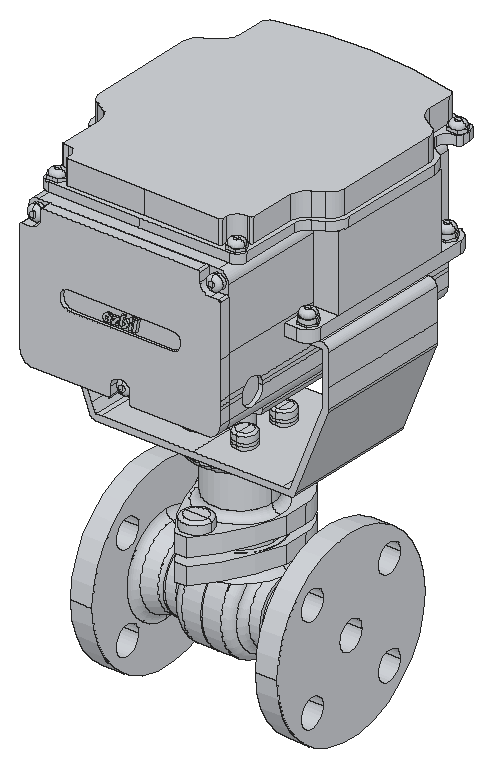
Revit family "電動二方弁(ロゴあり)", category Electrical Equipment, Revit 2022 (continued)
Automatic sketch dimensions
  Revolve 33 sketch curve to Revolve 33 sketch curve = 0 mm  (x3)
  Revolve 34 sketch curve to plane 1 "中心(正面/背面)" = 6.975 mm
  Revolve 34 sketch curve to Revolve 34 sketch curve = 5.525 mm
  level to Revolve 34 sketch curve = 125.7 mm
  Revolve 34 sketch curve to Revolve 34 sketch curve = 1.6 mm
  Revolve 34 sketch curve to Revolve 34 sketch curve = 3.2 mm
  Revolve 34 sketch curve to Revolve 34 sketch curve = 0 mm  (x3)
  Revolve 35 sketch curve to plane 3 "中心(左/右)" = 0 mm  (x2)
  Revolve 35 sketch curve to plane 3 "中心(左/右)" = 4.75 mm
  level to Revolve 35 sketch curve = 137.956 mm
  Revolve 35 sketch curve to Revolve 35 sketch curve = 1.544 mm
  Revolve 35 sketch curve to Revolve 35 sketch curve = 0 mm  (x2)
  Revolve 36 sketch curve to plane 3 "中心(左/右)" = 0 mm  (x2)
  Revolve 36 sketch curve to Revolve 36 sketch curve = 10.268 mm
  Revolve 36 sketch curve to Revolve 36 sketch curve = 8.578 mm
  Revolve 36 sketch curve to Revolve 36 sketch curve = 1.153 mm
  Revolve 36 sketch curve to Revolve 36 sketch curve = 6.678 mm
  Revolve 36 sketch curve to Revolve 36 sketch curve = 2.476 mm
  level to Revolve 36 sketch curve = 65.495 mm
  Revolve 36 sketch curve to Revolve 36 sketch curve = 2.236 mm
  Revolve 36 sketch curve to Revolve 36 sketch curve = 3.62 mm
  Revolve 36 sketch curve to Revolve 36 sketch curve = 4.769 mm
  Revolve 36 sketch curve to Revolve 36 sketch curve = 3.897 mm
  Revolve 36 sketch curve to Revolve 36 sketch curve = 0 mm  (x2)
  Extrusion 37 sketch curve to plane 3 "中心(左/右)" = 47 mm
  Extrusion 37 sketch curve to Extrusion 37 sketch curve = 2.5 mm
  Extrusion 37 sketch curve to Extrusion 37 sketch curve = 3 mm
  Extrusion 37 sketch curve to Extrusion 37 sketch curve = 1.558 mm
  plane 3 "中心(左/右)" to Extrusion 37 sketch curve = 44 mm
  Extrusion 37 sketch curve to Extrusion 37 sketch curve = 0.5 mm
  Extrusion 37 sketch curve to Extrusion 37 sketch curve = 0.525 mm
  Extrusion 37 sketch curve to Extrusion 37 sketch curve = 2.475 mm
  level to Extrusion 37 sketch curve = 164.5 mm
  Extrusion 37 sketch curve to Extrusion 37 sketch curve = 1.5 mm
  Extrusion 37 sketch curve to Extrusion 37 sketch curve = 1.652 mm
  Extrusion 37 sketch curve to Extrusion 37 sketch curve = 1.962 mm
  Revolve 38 sketch curve to plane 3 "中心(左/右)" = 0 mm  (x2)
  Revolve 38 sketch curve to plane 3 "中心(左/右)" = 5.688 mm
  Revolve 38 sketch curve to Revolve 38 sketch curve = 1.896 mm
  level to Revolve 38 sketch curve = 90.3 mm
  Revolve 38 sketch curve to Revolve 38 sketch curve = 3.216 mm
  Revolve 38 sketch curve to Revolve 38 sketch curve = 1.117 mm
  Revolve 38 sketch curve to Revolve 38 sketch curve = 0 mm  (x2)
  Revolve 39 sketch curve to plane 3 "中心(左/右)" = 0 mm  (x2)
  Revolve 39 sketch curve to plane 3 "中心(左/右)" = 16.5 mm
  Revolve 39 sketch curve to Revolve 39 sketch curve = 2 mm  (x2)
  Revolve 39 sketch curve to Revolve 39 sketch curve = 4 mm  (x2)
  level to Revolve 39 sketch curve = 90.3 mm
  Revolve 39 sketch curve to Revolve 39 sketch curve = 19 mm
  Revolve 39 sketch curve to Revolve 39 sketch curve = 0 mm  (x4)
  Revolve 40 sketch curve to plane 3 "中心(左/右)" = 0 mm  (x2)
  Revolve 40 sketch curve to plane 3 "中心(左/右)" = 4 mm
  level to Revolve 40 sketch curve = 77 mm
  Revolve 40 sketch curve to Revolve 40 sketch curve = 4.3 mm
  Revolve 40 sketch curve to Revolve 40 sketch curve = 1.5 mm
  Revolve 40 sketch curve to Revolve 40 sketch curve = 0 mm
  plane 3 "中心(左/右)" to Extrusion 41 sketch curve = 51.5 mm
  Extrusion 41 sketch curve to Extrusion 41 sketch curve = 5.8 mm
  Extrusion 41 sketch curve to Extrusion 41 sketch curve = 6 mm
  Extrusion 41 sketch curve to Extrusion 41 sketch curve = 6.5 mm
  Extrusion 41 sketch curve to Extrusion 41 sketch curve = 0.5 mm
  Extrusion 41 sketch curve to Extrusion 41 sketch curve = 3.7 mm
  Extrusion 41 sketch curve to Extrusion 41 sketch curve = 7 mm
  plane 1 "中心(正面/背面)" to Extrusion 41 sketch curve = 36.395 mm
  Extrusion 41 sketch curve to plane 1 "中心(正面/背面)" = 60.605 mm
  Extrusion 41 sketch curve to Extrusion 41 sketch curve = 0.7 mm
  Extrusion 41 sketch curve to Extrusion 41 sketch curve = 7.785 mm
  Extrusion 41 sketch curve to Extrusion 41 sketch curve = 2.098 mm
  Extrusion 41 sketch curve to Extrusion 41 sketch curve = 0 mm
  Extrusion 41 sketch curve to Extrusion 41 sketch curve = 1.226 mm
  Extrusion 42 sketch curve to plane 3 "中心(左/右)" = 51.5 mm
  Extrusion 42 sketch curve to Extrusion 42 sketch curve = 5.8 mm
  Extrusion 42 sketch curve to Extrusion 42 sketch curve = 6 mm
  Extrusion 42 sketch curve to Extrusion 42 sketch curve = 6.5 mm
  Extrusion 42 sketch curve to Extrusion 42 sketch curve = 0.5 mm
  Extrusion 42 sketch curve to Extrusion 42 sketch curve = 3.7 mm
  Extrusion 42 sketch curve to Extrusion 42 sketch curve = 7 mm
  Extrusion 42 sketch curve to plane 1 "中心(正面/背面)" = 69.302 mm
  Extrusion 42 sketch curve to Extrusion 42 sketch curve = 0.212 mm
  Extrusion 42 sketch curve to Extrusion 42 sketch curve = 7.997 mm
  Extrusion 42 sketch curve to Extrusion 42 sketch curve = 0.7 mm
  plane 1 "中心(正面/背面)" to Extrusion 42 sketch curve = 29.395 mm
  Extrusion 42 sketch curve to Extrusion 42 sketch curve = 0 mm
  Extrusion 42 sketch curve to Extrusion 42 sketch curve = 1.226 mm
  Extrusion 43 sketch curve to plane 3 "中心(左/右)" = 64.592 mm
  Extrusion 43 sketch curve to Extrusion 43 sketch curve = 3.729 mm
  Extrusion 43 sketch curve to Extrusion 43 sketch curve = 1.085 mm  (x2)
  Extrusion 43 sketch curve to Extrusion 43 sketch curve = 2.797 mm  (x4)
  Extrusion 43 sketch curve to Extrusion 43 sketch curve = 7.85 mm
  Extrusion 43 sketch curve to Extrusion 43 sketch curve = 2.643 mm
  Extrusion 43 sketch curve to level = 130.361 mm
  Extrusion 43 sketch curve to Extrusion 43 sketch curve = 1.447 mm
  Extrusion 44 sketch curve to plane 3 "中心(左/右)" = 28.5 mm
  plane 3 "中心(左/右)" to Extrusion 44 sketch curve = 28.5 mm
  level to Extrusion 44 sketch curve = 161 mm
  Extrusion 44 sketch curve to Extrusion 44 sketch curve = 0.788 mm
  Revolve 45 sketch curve to plane 3 "中心(左/右)" = 60.5 mm
  Revolve 45 sketch curve to Revolve 45 sketch curve = 2.25 mm
  level to Revolve 45 sketch curve = 197.236 mm
  Revolve 45 sketch curve to Revolve 45 sketch curve = 2.264 mm
  Revolve 45 sketch curve to Revolve 45 sketch curve = 0 mm
  Revolve 45 sketch curve to Revolve 45 sketch curve = 0.936 mm
  Revolve 45 sketch curve to Revolve 45 sketch curve = 1.8 mm
  Revolve 46 sketch curve to plane 3 "中心(左/右)" = 60.5 mm
  Revolve 46 sketch curve to Revolve 46 sketch curve = 2.25 mm
  level to Revolve 46 sketch curve = 197.236 mm
  Revolve 46 sketch curve to Revolve 46 sketch curve = 2.264 mm
  Revolve 46 sketch curve to Revolve 46 sketch curve = 0 mm
  Revolve 46 sketch curve to Revolve 46 sketch curve = 0.936 mm
  Revolve 46 sketch curve to Revolve 46 sketch curve = 1.8 mm
  plane 3 "中心(左/右)" to Revolve 47 sketch curve = 56.375 mm
  Revolve 47 sketch curve to Revolve 47 sketch curve = 2.25 mm
  level to Revolve 47 sketch curve = 197.236 mm
  Revolve 47 sketch curve to Revolve 47 sketch curve = 2.264 mm
  Revolve 47 sketch curve to Revolve 47 sketch curve = 0 mm
  Revolve 47 sketch curve to Revolve 47 sketch curve = 0.936 mm
  Revolve 47 sketch curve to Revolve 47 sketch curve = 1.8 mm
  plane 3 "中心(左/右)" to Revolve 48 sketch curve = 56.375 mm
  Revolve 48 sketch curve to Revolve 48 sketch curve = 2.25 mm
  level to Revolve 48 sketch curve = 197.236 mm
  Revolve 48 sketch curve to Revolve 48 sketch curve = 2.264 mm
  Revolve 48 sketch curve to Revolve 48 sketch curve = 0 mm
  Revolve 48 sketch curve to Revolve 48 sketch curve = 0.936 mm
  Revolve 48 sketch curve to Revolve 48 sketch curve = 1.8 mm
  Extrusion 49 sketch curve to plane 1 "中心(正面/背面)" = 25.952 mm
  Extrusion 49 sketch curve to plane 3 "中心(左/右)" = 74.125 mm
  Extrusion 49 sketch curve to plane 1 "中心(正面/背面)" = 13.532 mm  (x2)
  Extrusion 49 sketch curve to plane 3 "中心(左/右)" = 23 mm
  Extrusion 49 sketch curve to plane 3 "中心(左/右)" = 6.954 mm
  Extrusion 49 sketch curve to plane 3 "中心(左/右)" = 3.046 mm
  Extrusion 49 sketch curve to plane 3 "中心(左/右)" = 1.923 mm
  plane 3 "中心(左/右)" to Extrusion 49 sketch curve = 1.923 mm
  plane 3 "中心(左/右)" to Extrusion 49 sketch curve = 3.046 mm
  plane 3 "中心(左/右)" to Extrusion 49 sketch curve = 6.954 mm
  Extrusion 49 sketch curve to Extrusion 49 sketch curve = 51.125 mm
  Extrusion 49 sketch curve to plane 1 "中心(正面/背面)" = 1.214 mm  (x2)
  Revolve 50 sketch curve to plane 3 "中心(左/右)" = 0 mm  (x2)
  Revolve 50 sketch curve to plane 3 "中心(左/右)" = 23 mm
  Revolve 50 sketch curve to Revolve 50 sketch curve = 2 mm  (x2)
  level to Revolve 50 sketch curve = 115.3 mm
  Revolve 50 sketch curve to Revolve 50 sketch curve = 5.2 mm
  Revolve 50 sketch curve to Revolve 50 sketch curve = 0.2 mm
  Extrusion 51 sketch curve to plane 1 "中心(正面/背面)" = 25.952 mm
  Extrusion 51 sketch curve to plane 3 "中心(左/右)" = 74.125 mm
  Extrusion 51 sketch curve to plane 1 "中心(正面/背面)" = 13.532 mm  (x2)
  Extrusion 51 sketch curve to plane 3 "中心(左/右)" = 23 mm
  Extrusion 51 sketch curve to plane 3 "中心(左/右)" = 6.954 mm
  Extrusion 51 sketch curve to plane 3 "中心(左/右)" = 3.046 mm
  Extrusion 51 sketch curve to plane 3 "中心(左/右)" = 1.923 mm
  plane 3 "中心(左/右)" to Extrusion 51 sketch curve = 1.923 mm
  plane 3 "中心(左/右)" to Extrusion 51 sketch curve = 3.046 mm
  plane 3 "中心(左/右)" to Extrusion 51 sketch curve = 6.954 mm
  Extrusion 51 sketch curve to Extrusion 51 sketch curve = 51.125 mm
  Extrusion 51 sketch curve to plane 1 "中心(正面/背面)" = 1.214 mm  (x2)
  Revolve 52 sketch curve to plane 3 "中心(左/右)" = 0 mm  (x2)
  Revolve 52 sketch curve to plane 3 "中心(左/右)" = 17.5 mm
  level to Revolve 52 sketch curve = 77 mm
  Revolve 52 sketch curve to Revolve 52 sketch curve = 4.3 mm
  Revolve 52 sketch curve to Revolve 52 sketch curve = 0 mm  (x2)
  Extrusion 53 sketch curve to plane 1 "中心(正面/背面)" = 24.749 mm
  level to Extrusion 53 sketch curve = 72.249 mm
  Extrusion 54 sketch curve to plane 1 "中心(正面/背面)" = 24.749 mm
  level to Extrusion 54 sketch curve = 22.751 mm
  plane 1 "中心(正面/背面)" to Extrusion 55 sketch curve = 24.749 mm
  level to Extrusion 55 sketch curve = 22.751 mm
  plane 1 "中心(正面/背面)" to Extrusion 56 sketch curve = 24.749 mm
  level to Extrusion 56 sketch curve = 22.751 mm
  Extrusion 57 sketch curve to plane 1 "中心(正面/背面)" = 0 mm
  level to Extrusion 57 sketch curve = 47.5 mm
  plane 1 "中心(正面/背面)" to Revolve 58 sketch curve = 75.7 mm
  Revolve 58 sketch curve to Revolve 58 sketch curve = 2 mm
  Revolve 58 sketch curve to Revolve 58 sketch curve = 0.6 mm
  level to Revolve 58 sketch curve = 238.5 mm
  Revolve 58 sketch curve to Revolve 58 sketch curve = 1.75 mm
  Revolve 58 sketch curve to Revolve 58 sketch curve = 0 mm  (x3)
  plane 1 "中心(正面/背面)" to Revolve 59 sketch curve = 73.1 mm
  Revolve 59 sketch curve to Revolve 59 sketch curve = 1.6 mm
  level to Revolve 59 sketch curve = 238.5 mm
  Revolve 59 sketch curve to Revolve 59 sketch curve = 3.75 mm
  Revolve 59 sketch curve to Revolve 59 sketch curve = 0 mm  (x3)
  plane 1 "中心(正面/背面)" to Revolve 60 sketch curve = 75.7 mm
  Revolve 60 sketch curve to Revolve 60 sketch curve = 2 mm
  Revolve 60 sketch curve to Revolve 60 sketch curve = 0.6 mm
  level to Revolve 60 sketch curve = 238.5 mm
  Revolve 60 sketch curve to Revolve 60 sketch curve = 1.75 mm
  Revolve 60 sketch curve to Revolve 60 sketch curve = 0 mm  (x3)
  plane 1 "中心(正面/背面)" to Revolve 61 sketch curve = 73.1 mm
  Revolve 61 sketch curve to Revolve 61 sketch curve = 1.6 mm
  level to Revolve 61 sketch curve = 238.5 mm
  Revolve 61 sketch curve to Revolve 61 sketch curve = 3.75 mm
  Revolve 61 sketch curve to Revolve 61 sketch curve = 0 mm  (x3)
  plane 1 "中心(正面/背面)" to Revolve 62 sketch curve = 75.7 mm
  Revolve 62 sketch curve to Revolve 62 sketch curve = 2 mm
  Revolve 62 sketch curve to Revolve 62 sketch curve = 0.6 mm
  level to Revolve 62 sketch curve = 174.5 mm
  Revolve 62 sketch curve to Revolve 62 sketch curve = 1.75 mm
  Revolve 62 sketch curve to Revolve 62 sketch curve = 0 mm  (x3)
  plane 1 "中心(正面/背面)" to Revolve 63 sketch curve = 73.1 mm
  Revolve 63 sketch curve to Revolve 63 sketch curve = 1.6 mm
  level to Revolve 63 sketch curve = 174.5 mm
  Revolve 63 sketch curve to Revolve 63 sketch curve = 3.75 mm
  Revolve 63 sketch curve to Revolve 63 sketch curve = 0 mm  (x3)
  Extrusion 64 sketch curve to plane 3 "中心(左/右)" = 65 mm
  Extrusion 64 sketch curve to Extrusion 64 sketch curve = 13.382 mm
  Extrusion 64 sketch curve to Extrusion 64 sketch curve = 5.3 mm  (x2)
  level to Extrusion 64 sketch curve = 205.5 mm
  Extrusion 64 sketch curve to Extrusion 64 sketch curve = 33.2 mm
  Extrusion 64 sketch curve to Extrusion 64 sketch curve = 0 mm
  Extrusion 65 sketch curve to plane 3 "中心(左/右)" = 65 mm
  Extrusion 65 sketch curve to Extrusion 65 sketch curve = 13.382 mm
  Extrusion 65 sketch curve to Extrusion 65 sketch curve = 5.3 mm  (x2)
  Extrusion 65 sketch curve to level = 205.5 mm
  Extrusion 65 sketch curve to Extrusion 65 sketch curve = 33.2 mm
  Extrusion 65 sketch curve to Extrusion 65 sketch curve = 0 mm
  Extrusion 66 sketch curve to plane 3 "中心(左/右)" = 7.352 mm
  Extrusion 66 sketch curve to Extrusion 66 sketch curve = 0.489 mm
  Extrusion 66 sketch curve to Extrusion 66 sketch curve = 0.491 mm
  Extrusion 66 sketch curve to Extrusion 66 sketch curve = 0.142 mm
  Extrusion 66 sketch curve to Extrusion 66 sketch curve = 0.117 mm
  Extrusion 66 sketch curve to Extrusion 66 sketch curve = 0.229 mm
  Extrusion 66 sketch curve to Extrusion 66 sketch curve = 1.394 mm
  Extrusion 66 sketch curve to Extrusion 66 sketch curve = 0.569 mm
  Extrusion 66 sketch curve to Extrusion 66 sketch curve = 0.155 mm
  Extrusion 66 sketch curve to Extrusion 66 sketch curve = 0.378 mm
  Extrusion 66 sketch curve to Extrusion 66 sketch curve = 0.2 mm
  Extrusion 66 sketch curve to Extrusion 66 sketch curve = 1.855 mm
  Extrusion 66 sketch curve to Extrusion 66 sketch curve = 1.579 mm
  Extrusion 66 sketch curve to plane 3 "中心(左/右)" = 0.981 mm
  Extrusion 66 sketch curve to plane 3 "中心(左/右)" = 0.781 mm
  Extrusion 66 sketch curve to plane 3 "中心(左/右)" = 0.508 mm
  Extrusion 66 sketch curve to plane 3 "中心(左/右)" = 0.342 mm
  Extrusion 66 sketch curve to plane 3 "中心(左/右)" = 0.164 mm
  plane 3 "中心(左/右)" to Extrusion 66 sketch curve = 0.657 mm
  plane 3 "中心(左/右)" to Extrusion 66 sketch curve = 1.092 mm
  Extrusion 66 sketch curve to Extrusion 66 sketch curve = 0.289 mm
  Extrusion 66 sketch curve to Extrusion 66 sketch curve = 0.328 mm
  Extrusion 66 sketch curve to Extrusion 66 sketch curve = 0.178 mm
  Extrusion 66 sketch curve to Extrusion 66 sketch curve = 1.372 mm  (x3)
  Extrusion 66 sketch curve to Extrusion 66 sketch curve = 0.631 mm
  Extrusion 66 sketch curve to Extrusion 66 sketch curve = 1.319 mm
  Extrusion 66 sketch curve to Extrusion 66 sketch curve = 1.671 mm
  Extrusion 66 sketch curve to Extrusion 66 sketch curve = 2.215 mm
  Extrusion 66 sketch curve to Extrusion 66 sketch curve = 0.082 mm
  Extrusion 66 sketch curve to Extrusion 66 sketch curve = 1.435 mm
  Extrusion 66 sketch curve to Extrusion 66 sketch curve = 0.804 mm
  Extrusion 66 sketch curve to Extrusion 66 sketch curve = 2.601 mm
  Extrusion 66 sketch curve to Extrusion 66 sketch curve = 1.371 mm
  Extrusion 66 sketch curve to Extrusion 66 sketch curve = 1.566 mm
  level to Extrusion 66 sketch curve = 202.767 mm
  Extrusion 66 sketch curve to Extrusion 66 sketch curve = 0.735 mm
  Extrusion 66 sketch curve to Extrusion 66 sketch curve = 0.019 mm
  Extrusion 66 sketch curve to Extrusion 66 sketch curve = 0.754 mm  (x2)
  Extrusion 66 sketch curve to Extrusion 66 sketch curve = 0 mm  (x2)
  Extrusion 66 sketch curve to Extrusion 66 sketch curve = 0.88 mm
  Extrusion 66 sketch curve to Extrusion 66 sketch curve = 1.02 mm
  Extrusion 66 sketch curve to Extrusion 66 sketch curve = 1.135 mm
  Extrusion 66 sketch curve to Extrusion 66 sketch curve = 0.115 mm
  Extrusion 66 sketch curve to Extrusion 66 sketch curve = 0.255 mm
  Extrusion 66 sketch curve to Extrusion 66 sketch curve = 0.417 mm
  Extrusion 66 sketch curve to Extrusion 66 sketch curve = 0.589 mm
  Extrusion 66 sketch curve to Extrusion 66 sketch curve = 0.605 mm
  Extrusion 66 sketch curve to Extrusion 66 sketch curve = 1.352 mm
  Extrusion 66 sketch curve to Extrusion 66 sketch curve = 0.664 mm
  Extrusion 66 sketch curve to Extrusion 66 sketch curve = 0.822 mm
  Extrusion 66 sketch curve to Extrusion 66 sketch curve = 1.703 mm
  Extrusion 66 sketch curve to Extrusion 66 sketch curve = 0.199 mm
  Extrusion 66 sketch curve to Extrusion 66 sketch curve = 0.423 mm
  Extrusion 66 sketch curve to Extrusion 66 sketch curve = 1.398 mm
  Extrusion 66 sketch curve to Extrusion 66 sketch curve = 0.361 mm
  Extrusion 66 sketch curve to Extrusion 66 sketch curve = 1.151 mm
  Extrusion 66 sketch curve to Extrusion 66 sketch curve = 0.851 mm
  Extrusion 66 sketch curve to Extrusion 66 sketch curve = 2.516 mm
  Extrusion 66 sketch curve to Extrusion 66 sketch curve = 1.991 mm
  Extrusion 66 sketch curve to Extrusion 66 sketch curve = 1.645 mm
  Extrusion 66 sketch curve to Extrusion 66 sketch curve = 0.338 mm
  plane 3 "中心(左/右)" to Extrusion 66 sketch curve = 0.171 mm
  Extrusion 66 sketch curve to Extrusion 66 sketch curve = 0.13 mm
  Extrusion 66 sketch curve to Extrusion 66 sketch curve = 0.662 mm
  Extrusion 66 sketch curve to Extrusion 66 sketch curve = 1.164 mm
  Extrusion 67 sketch curve to plane 3 "中心(左/右)" = 7.567 mm
  plane 3 "中心(左/右)" to Extrusion 67 sketch curve = 1.228 mm
  level to Extrusion 67 sketch curve = 204.646 mm
  Extrusion 67 sketch curve to Extrusion 67 sketch curve = 0.831 mm  (x2)
  Extrusion 67 sketch curve to Extrusion 67 sketch curve = 0.039 mm
  Extrusion 68 sketch curve to plane 3 "中心(左/右)" = 25.841 mm
  plane 3 "中心(左/右)" to Extrusion 68 sketch curve = 26.159 mm
  level to Extrusion 68 sketch curve = 201.5 mm
  Extrusion 68 sketch curve to Extrusion 68 sketch curve = 5 mm
  Revolve 69 sketch curve to plane 3 "中心(左/右)" = 61.28 mm
  Revolve 69 sketch curve to Revolve 69 sketch curve = 1.501 mm
  Revolve 69 sketch curve to Revolve 69 sketch curve = 1.75 mm
  level to Revolve 69 sketch curve = 208.5 mm
  Revolve 69 sketch curve to Revolve 69 sketch curve = 1.322 mm
  Revolve 69 sketch curve to Revolve 69 sketch curve = 0 mm  (x2)
  Revolve 69 sketch curve to Revolve 69 sketch curve = 0.722 mm
  Extrusion 70 sketch curve to plane 3 "中心(左/右)" = 58 mm
  Extrusion 70 sketch curve to plane 1 "中心(正面/背面)" = 59.98 mm
  Extrusion 71 sketch curve to plane 3 "中心(左/右)" = 62.907 mm
  Extrusion 71 sketch curve to Extrusion 71 sketch curve = 2.454 mm  (x5)
  Extrusion 71 sketch curve to Extrusion 71 sketch curve = 4.907 mm
  Extrusion 71 sketch curve to plane 1 "中心(正面/背面)" = 55.73 mm
  Extrusion 71 sketch curve to Extrusion 71 sketch curve = 4.25 mm  (x3)
  Revolve 72 sketch curve to plane 3 "中心(左/右)" = 61.28 mm
  Revolve 72 sketch curve to Revolve 72 sketch curve = 1.501 mm
  Revolve 72 sketch curve to Revolve 72 sketch curve = 1.75 mm
  level to Revolve 72 sketch curve = 208.5 mm
  Revolve 72 sketch curve to Revolve 72 sketch curve = 1.322 mm
  Revolve 72 sketch curve to Revolve 72 sketch curve = 0 mm  (x2)
  Revolve 72 sketch curve to Revolve 72 sketch curve = 0.722 mm
  plane 3 "中心(左/右)" to Extrusion 73 sketch curve = 58.5 mm
  plane 1 "中心(正面/背面)" to Extrusion 73 sketch curve = 29.395 mm
  plane 3 "中心(左/右)" to Extrusion 74 sketch curve = 53.593 mm
  plane 1 "中心(正面/背面)" to Extrusion 74 sketch curve = 25.145 mm
  Extrusion 74 sketch curve to Extrusion 74 sketch curve = 2.454 mm  (x5)
  Extrusion 74 sketch curve to Extrusion 74 sketch curve = 4.907 mm
  plane 1 "中心(正面/背面)" to Extrusion 74 sketch curve = 29.395 mm
  Extrusion 74 sketch curve to Extrusion 74 sketch curve = 4.25 mm  (x2)
  plane 3 "中心(左/右)" to Revolve 75 sketch curve = 55.22 mm
  Revolve 75 sketch curve to Revolve 75 sketch curve = 1.501 mm
  Revolve 75 sketch curve to Revolve 75 sketch curve = 1.75 mm
  level to Revolve 75 sketch curve = 208.5 mm
  Revolve 75 sketch curve to Revolve 75 sketch curve = 1.322 mm
  Revolve 75 sketch curve to Revolve 75 sketch curve = 0 mm  (x2)
  Revolve 75 sketch curve to Revolve 75 sketch curve = 0.722 mm
  plane 3 "中心(左/右)" to Extrusion 76 sketch curve = 58.5 mm
  Extrusion 76 sketch curve to plane 1 "中心(正面/背面)" = 59.98 mm
  plane 3 "中心(左/右)" to Extrusion 77 sketch curve = 53.593 mm
  Extrusion 77 sketch curve to Extrusion 77 sketch curve = 2.454 mm  (x5)
  Extrusion 77 sketch curve to Extrusion 77 sketch curve = 4.907 mm
  Extrusion 77 sketch curve to plane 1 "中心(正面/背面)" = 55.73 mm
  Extrusion 77 sketch curve to Extrusion 77 sketch curve = 4.25 mm  (x3)
  plane 3 "中心(左/右)" to Revolve 78 sketch curve = 55.22 mm
  Revolve 78 sketch curve to Revolve 78 sketch curve = 1.501 mm
  Revolve 78 sketch curve to Revolve 78 sketch curve = 1.75 mm
  level to Revolve 78 sketch curve = 208.5 mm
  Revolve 78 sketch curve to Revolve 78 sketch curve = 1.322 mm
  Revolve 78 sketch curve to Revolve 78 sketch curve = 0 mm  (x2)
  Revolve 78 sketch curve to Revolve 78 sketch curve = 0.722 mm
  plane 3 "中心(左/右)" to Revolve 79 sketch curve = 50.936 mm
  Revolve 79 sketch curve to Revolve 79 sketch curve = 1.908 mm
  Revolve 79 sketch curve to Revolve 79 sketch curve = 1.75 mm
  level to Revolve 79 sketch curve = 250.1 mm
  Revolve 79 sketch curve to Revolve 79 sketch curve = 0.6 mm
  Revolve 79 sketch curve to Revolve 79 sketch curve = 0 mm  (x3)
  Revolve 80 sketch curve to plane 3 "中心(左/右)" = 57.314 mm
  Revolve 80 sketch curve to Revolve 80 sketch curve = 1.908 mm
  Revolve 80 sketch curve to Revolve 80 sketch curve = 1.75 mm
  level to Revolve 80 sketch curve = 250.1 mm
  Revolve 80 sketch curve to Revolve 80 sketch curve = 0.6 mm
  Revolve 80 sketch curve to Revolve 80 sketch curve = 0 mm  (x3)
  plane 3 "中心(左/右)" to Extrusion 81 sketch curve = 49.531 mm
  Extrusion 81 sketch curve to Extrusion 81 sketch curve = 2.133 mm  (x2)
  Extrusion 81 sketch curve to Extrusion 81 sketch curve = 2.177 mm
  Extrusion 81 sketch curve to Extrusion 81 sketch curve = 2.731 mm  (x2)
  Extrusion 81 sketch curve to Extrusion 81 sketch curve = 5.55 mm
  Extrusion 81 sketch curve to plane 1 "中心(正面/背面)" = 68.153 mm
  Extrusion 81 sketch curve to Extrusion 81 sketch curve = 3.694 mm  (x2)
  Extrusion 81 sketch curve to Extrusion 81 sketch curve = 3.771 mm
  Extrusion 82 sketch curve to plane 3 "中心(左/右)" = 58.719 mm
  Extrusion 82 sketch curve to Extrusion 82 sketch curve = 2.133 mm  (x2)
  Extrusion 82 sketch curve to Extrusion 82 sketch curve = 2.177 mm
  Extrusion 82 sketch curve to Extrusion 82 sketch curve = 2.731 mm  (x2)
  Extrusion 82 sketch curve to Extrusion 82 sketch curve = 5.55 mm
  Extrusion 82 sketch curve to plane 1 "中心(正面/背面)" = 68.153 mm
  Extrusion 82 sketch curve to Extrusion 82 sketch curve = 3.694 mm  (x2)
  Extrusion 82 sketch curve to Extrusion 82 sketch curve = 3.771 mm
  Extrusion 1 sketch curve to plane 1 "中心(正面/背面)" = 0 mm
  level to Extrusion 1 sketch curve = 47.437 mm
  Extrusion 7 sketch curve to plane 1 "中心(正面/背面)" = 0 mm
  level to Extrusion 7 sketch curve = 47.437 mm
  plane 1 "中心(正面/背面)" to Extrusion 83 sketch curve = 56.39 mm
  level to Extrusion 83 sketch curve = 182.782 mm
  plane 1 "中心(正面/背面)" to Extrusion 84 sketch curve = 56.39 mm
  level to Extrusion 84 sketch curve = 182.782 mm
  radius of Extrusion 2 sketch curve = 7.5 mm
  radius of Extrusion 3 sketch curve = 7.5 mm
  radius of Extrusion 4 sketch curve = 7.5 mm
  radius of Extrusion 5 sketch curve = 7.5 mm
  radius of Extrusion 6 sketch curve = 7.5 mm
  radius of Extrusion 8 sketch curve = 7.5 mm
  radius of Extrusion 12 sketch curve = 4.25 mm
  radius of Extrusion 53 sketch curve = 7.5 mm
  radius of Extrusion 54 sketch curve = 7.5 mm
  radius of Extrusion 55 sketch curve = 7.5 mm
  radius of Extrusion 56 sketch curve = 7.5 mm
  radius of Extrusion 57 sketch curve = 7.5 mm
  radius of Extrusion 70 sketch curve = 4.25 mm
  radius of Extrusion 73 sketch curve = 4.25 mm
  radius of Extrusion 76 sketch curve = 4.25 mm
Connectors
  cabletrayconduit at (-48.8, -56.39, 182.782), diameter 14.031, driven by "配線φ(左側)"
    settings: on cut or joined group of Extrusion 22, Extrusion 83, Extrusion 84, index 3, connector width 300 mm, connector height 300 mm, connector angle 0.00°, system type 32, placement type 0, profile type 0, connector reference index -1, is primary connector yes, connector utility param no, connector description ""
  cabletrayconduit at (-48.8, -56.39, 182.782), diameter 14.031, driven by "配線φ(左側)"
    settings: on cut or joined group of Extrusion 22, Extrusion 83, Extrusion 84, index 4, connector width 300 mm, connector height 300 mm, connector angle 0.00°, system type 32, placement type 0, profile type 0, connector reference index -1, is primary connector no, connector utility param no, connector description ""
  cabletrayconduit at (48.8, -56.39, 182.782), diameter 14.031, driven by "配線φ(右側)"
    settings: on cut or joined group of Extrusion 22, Extrusion 83, Extrusion 84, index 5, connector width 300 mm, connector height 300 mm, connector angle 0.00°, system type 32, placement type 0, profile type 0, connector reference index -1, is primary connector no, connector utility param no, connector description ""
